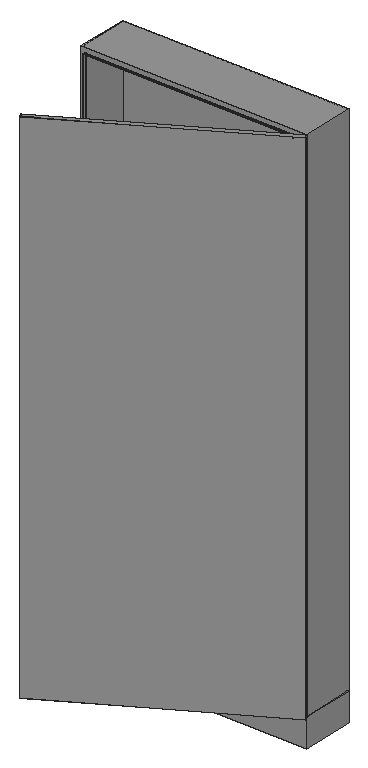
Revit family "Hager-Univers-IP44-D205-H1950-Cl.II-Encl-NoHosted-CH-en", category Equipement électrique, Revit 2020
Family settings
  Configuration du panneau = Deux colonnes, circuits au sein
  Cote de connecteur circulaire = Utiliser le diamètre
  Type d'élément = Tableau de raccordement
  Basée sur le plan de construction = Oui
  Toujours verticalement = Oui
  Couper avec des vides une fois chargée = Non
  Partagée = Non
  Point de calcul de pièce = Non
Parameters (values of type "Floor installation IP44 W800 H1950 D205  - FP23SN2")
  Width Control [instance] = if([EF000008 - Width] > Min Width, [EF000008 - Width], Min Width)  # 800 mm
  Commentaires du type = [HG000003 - Range]  # "Univers"
  Thickness Door [instance] = if([EF009171 - Material plate thickness door/cover] > 3 mm, 3 mm, [EF009171 - Material plate thickness door/cover])  # 1 mm
  Seal Frame Offset [instance] = 17 mm  # constant formula
  Plinth Visibility [instance] = [HG000027 - Plinth height] > 0 mm  # yes
  Min Width [instance] = 100 mm  # constant formula
  Min Depth [instance] = (2 * [EF009170 - Material plate thickness cabinet]) + 1 mm  # 3 mm
  Min Height [instance] = 100 mm  # constant formula
  Internal Frame Depth [instance] = (Door System Depth * 0.5)  # 9 mm
  Panel Name [instance] = ""  # (empty or 0)
  Model = ""
  HG000027 - Plinth height = 100 mm
  HG000026 - Floor standing = yes
  HG000024 - Bottom section height = 600 mm
  HG000023 - Double section enclosure = no
  HG000016 - Door 3d visibility [instance] = yes
  HG000015 - Clearance visibility [instance] = no
  HG000014 - Door on the right [instance] = yes
  HG000013 - Door on the left [instance] = not([HG000014 - Door on the right])  # no
  HG000012 - Door swing angle [instance] = 30.00°
  HG000010 - Asymmetric doors = no
  HG000009 - Double swing door = no
  HG000006 - Flush mounted = no
  HG000004 - Manufacturer reference = "FP23SN2"
  HG000003 - Range = "Univers"
  HG000002 - With door or cover = yes
  Frame Offset Bottom [instance] = 10 mm  # constant formula
  Frame Offset [instance] = 15 mm  # constant formula
  EF015940 - Cover with overpressure release = no
  EF011959 - Degree of protection (NEMA) = ""
  EF009554 - Number of openings for flange plates = 6
  EF009212 - Cover model = "EV000116 - Closed"
  EF009171 - Material plate thickness door/cover = 1 mm
  EF009170 - Material plate thickness cabinet = 1 mm
  EF008873 - Nominal current (In) = 400 A
  EF007800 - Suitable for lightning protection = no
  EF006306 - With lock = no
  EF006244 - Transparent cover/door = no
  EF005474 - Degree of protection (IP) = "EV006418 - IP44"
  EF004464 - Type of door = "EV002646 - Single"
  EF004427 - Number of modules = 432
  EF004293 - Impact strength = "EV006815 - IK09"
  EF003532 - Suitable for outdoor use = no
  EF002950 - Width in number of modular spacings = 36
  EF001613 - Circuit integrity = "EV000494 - None"
  EF001596 - Material housing = "EV000179 - Steel"
  EF001131 - Internal depth = 143 mm
  EF001088 - Extension possible = yes
  EF000437 - Number of conduit inlets = 6
  EF000339 - Type of cover = "EV001012 - Cover"
  EF000266 - Number of rows = 12
  EF000218 - Built-in depth = 0 mm
  EF000118 - With mounting plate = no
  EF000116 - RAL-number = "9010"
  EF000049 - Depth = 205 mm
  EF000040 - Height = 1950 mm
  EF000008 - Width = 800 mm
  EF000007 - Colour = "EV000202 - White"
  EF000003 - Mounting method = "EV012274 - Floor installation"
  Door System Leaf Tolerance [instance] = 1.5 mm  # constant formula
  Door System Depth [instance] = 18 mm  # constant formula
  Door Height [instance] = Height Control - [HG000027 - Plinth height]  # 1850 mm
  Description = ""
  Default Elevation = 1219.2 mm
  Connector Offset [instance] = Height Control / 2  # 975 mm
  Fabricant = "Hager"  # constant formula
  Height Control [instance] = if([EF000040 - Height] > Min Height, [EF000040 - Height], Min Height)  # 1950 mm
  Depth Control [instance] = if([EF000049 - Depth] > Min Depth, [EF000049 - Depth], Min Depth)  # 205 mm
  Bottom Top Plate Trim [instance] = 1.5 mm  # constant formula
  Plinth height Ctrl [instance] = if([HG000027 - Plinth height] > 0 mm, [HG000027 - Plinth height], 12 mm)  # 100 mm
Types (5, lengths in mm): name | Width Control | HG000010 - Asymmetric doors | HG000009 - Double swing door | HG000004 - Manufacturer reference | EF009554 - Number of openings for flange plates | EF008873 - Nominal current (In) | EF004464 - Type of door | EF004427 - Number of modules | EF002950 - Width in number of modular spacings | EF000437 - Number of conduit inlets | EF000008 - Width
  Floor installation IP44 W1050 H1950 D205  - FP24SN2 | 1050 | no | yes | "FP24SN2" | 8 | 400 A | "EV003602 - Double" | 576 | 48 | 8 | 1050
  Floor installation IP44 W1300 H1950 D205  - FP25SN2 | 1300 | yes | yes | "FP25SN2" | 10 | 400 A | "EV003602 - Double" | 720 | 60 | 10 | 1300
  Floor installation IP44 W300 H1950 D205  - FP21SN2 | 300 | no | no | "FP21SN2" | 2 | 250 A | "EV002646 - Single" | 144 | 12 | 2 | 300
  Floor installation IP44 W550 H1950 D205  - FP22SN2 | 550 | no | no | "FP22SN2" | 4 | 400 A | "EV002646 - Single" | 288 | 24 | 4 | 550
  Floor installation IP44 W800 H1950 D205  - FP23SN2 | 800 | no | no | "FP23SN2" | 6 | 400 A | "EV002646 - Single" | 432 | 36 | 6 | 800
Reference planes
  plane 1 "Center (Front/Back)": y = 0
  plane 2: z = 0
  plane 3 "Center (Left/Right)": x = 0
  plane 4: y = 0
  plane 5: y = 0
  plane 6: z = 0
  plane 7: x = -400
  plane 8: x = 400
  plane 9: x = 399
  plane 10: x = -399
  plane 11: z = 100
  plane 12: z = 101
  plane 13: y = -205
  plane 14: y = -1
  plane 15: x = 0
  plane 16: y = -187
  plane 17: y = -204
  plane 18: y = -186
  plane 19: x = -384
  plane 20: x = 384
  plane 21: z = 111
  plane 22: x = -383
  plane 23: x = 383
  plane 24: z = 100
  plane 25: z = 1950
  plane 26: z = 1950
  plane 27: z = 1934
  plane 28: z = 1949
Forms (mm)
  Extrusion 1, solid, material "Hager_Steel_RAL7035_Light_Grey", detail levels medium+fine
    sketch origin (-208.679, -4572, 100) x (-1, 0, 0) y (0, -1, 0)
      loop
        line (191.321, -4385) -> (-608.679, -4385) -> (-608.679, -4572) -> (191.321, -4572) -> (191.321, -4385)
    from 0 to 1850
  Extrusion 2, void
    sketch origin (-350.771, -205, 1219.2) x (1, 0, 0) y (0, 0, 1)
      loop
        line (-48.229, 729.8) -> (-48.229, -1118.2) -> (749.771, -1118.2) -> (749.771, 729.8) -> (-48.229, 729.8)
    from -19 to -204
  Extrusion 3, void
    sketch origin (-290.084, -187, 1219.2) x (1, 0, 0) y (0, 0, 1)
      loop
        line (-93.916, -1108.2) -> (674.084, -1108.2) -> (674.084, 714.8) -> (-93.916, 714.8) -> (-93.916, -1108.2)
    from 0 to -1
  Extrusion 4, solid, material "Hager_Steel_RAL7035_Light_Grey", visible <- "Plinth Visibility", detail levels medium+fine
    sketch origin (0, 0, 0) x (1, 0, 0) y (0, 1, 0)
      loop
        line (-400, 0) -> (-400, -187) -> (400, -187) -> (400, 0) -> (-400, 0)
    from 0 to 100 <- "Plinth height Ctrl"
  Extrusion 5, solid, material "Hager_Steel_RAL7035_Light_Grey", detail levels coarse
    sketch origin (0, 0, 0) x (1, 0, 0) y (0, 1, 0)
      loop
        line (-400, 0) -> (-400, -205) -> (400, -205) -> (400, 0) -> (-400, 0)
    from 0 to 1950 <- "Height Control"
  Sweep 6, void
    path in 3D
      loop
        line (-400, -187, 100) -> (400, -187, 100) -> (400, 0, 100) -> (-400, 0, 100) -> (-400, -187, 100)
    profile origin (-400, -93.5, 100) x (1, 0, 0) y (0, 0, 1)
      loop
        line (0, 0) -> (0, -1.5) -> (1.5, -1.5)
        arc (1.5, -1.5) -> (1.061, -0.439) -> (0, 0) r 1.5
  Extrusion 7, solid, material "Hager_Steel_RAL7035_Light_Grey", detail levels fine
    sketch origin (-400, -187, 100) x (1, 0, 0) y (0, 0, 1)
      loop
        line (16, 11) -> (784, 11) -> (784, 1834) -> (16, 1834) -> (16, 11)
      loop
        line (15, 10) -> (785, 10) -> (785, 1835) -> (15, 1835) -> (15, 10)
    from 0 to 9 <- "Internal Frame Depth"
Cuts and joins
  Extrusion 2, Extrusion 3 cuts Extrusion 1
  Sweep 6 cuts Extrusion 4
Lines and regions (mm)
  Masking region 1
    outline origin (0, 0, 0) x (1, 0, 0) y (0, 1, 0)
      loop
        line (-400, 0) -> (-400, -205) -> (400, -205) -> (400, 0) -> (-400, 0)
  Masking region 2, detail levels coarse
    outline origin (-290.084, -187, 1219.2) x (-1, 0, 0) y (0, 0, 1)
      loop
        line (-690.084, -1219.2) -> (109.916, -1219.2) -> (109.916, 730.8) -> (-690.084, 730.8) -> (-690.084, -1219.2)
  Masking region 3, detail levels coarse
    outline origin (0, 0, 0) x (0, 1, 0) y (0, 0, 1)
      loop
        line (0, 0) -> (0, 1950) -> (-205, 1950) -> (-205, 0) -> (0, 0)
  Masking region 4, visible <- "Plinth Visibility", detail levels medium+fine
    outline origin (0, 0, 0) x (0, 1, 0) y (0, 0, 1)
      loop
        line (-1.5, 100) -> (-185.5, 100)
        arc (-185.5, 100) -> (-185.939, 98.939) -> (-187, 98.5) r 1.5
        line (-187, 98.5) -> (-187, 0) -> (0, 0) -> (0, 98.5)
        arc (0, 98.5) -> (-1.061, 98.939) -> (-1.5, 100) r 1.5
  Masking region 5, detail levels medium+fine
    outline origin (0, 0, 594.038) x (0, 1, 0) y (0, 0, 1)
      loop
        line (0, -494.038) -> (0, 1355.962) -> (-187, 1355.962) -> (-187, -494.038) -> (0, -494.038)
  Masking region 6, detail levels medium+fine
    outline origin (-359.7, -187, 1211.883) x (-1, 0, 0) y (0, 0, 1)
      loop
        line (-759.7, -1111.883) -> (40.3, -1111.883) -> (40.3, 738.117) -> (-759.7, 738.117) -> (-759.7, -1111.883)
  Masking region 7, visible <- "Plinth Visibility", detail levels medium+fine
    outline origin (-320.334, -187, 1041.368) x (-1, 0, 0) y (0, 0, 1)
      loop
        line (-720.334, -1041.368) -> (79.666, -1041.368) -> (79.666, -942.868)
        arc (79.666, -942.868) -> (78.606, -942.429) -> (78.166, -941.368) r 1.5
        line (78.166, -941.368) -> (-718.834, -941.368)
        arc (-718.834, -941.368) -> (-719.273, -942.429) -> (-720.334, -942.868) r 1.5
        line (-720.334, -942.868) -> (-720.334, -1041.368)
  sketch lines
    curve 1: line (-400, 0, 100) -> (-400, -187, 100)
    curve 2: line (-400, -187, 100) -> (400, -187, 100)
    curve 3: line (400, 0, 100) -> (-400, 0, 100)
    curve 4: line (400, -187, 100) -> (400, 0, 100)
Dimensions and locks
  locked: plane 1 "Center (Front/Back)" to plane 5
  "EF009170 - Material plate thickness cabinet": plane 7 to plane 10
  "EF009170 - Material plate thickness cabinet": plane 8 to plane 9
  equal spacing: plane 7, plane 3 "Center (Left/Right)", plane 8
  "Width Control": plane 7 to plane 8
  "Depth Control": plane 4 to plane 13
  "EF009170 - Material plate thickness cabinet": plane 4 to plane 14
  "Height Control": plane 25 to level
  "HG000027 - Plinth height": plane 11 to level
  "EF009170 - Material plate thickness cabinet": plane 12 to plane 11
  "EF009170 - Material plate thickness cabinet": plane 17 to plane 13
  "EF009170 - Material plate thickness cabinet": plane 18 to plane 16
  "Frame Offset Bottom": plane 21 to plane 12
  "Frame Offset": plane 10 to plane 19
  "Frame Offset": plane 9 to plane 20
  "Door System Depth": plane 16 to plane 13
  "Seal Frame Offset": plane 7 to plane 22
  "Seal Frame Offset": plane 8 to plane 23
  "EF009170 - Material plate thickness cabinet": plane 26 to plane 28
  "Frame Offset": plane 28 to plane 27
  "Connector Offset": plane 2 to connector elem
  "Bottom Top Plate Trim": profile plane to Sweep 6 sketch curve
  "Bottom Top Plate Trim": Sweep 6 sketch curve to Sweep 6 sketch curve
  "Plinth height Ctrl": Masking region 4 sketch curve to level
  "Plinth height Ctrl": Masking region 7 sketch curve to level
  "Thickness Door": Extrusion 7 sketch curve to Extrusion 7 sketch curve  (x4)
  "Bottom Top Plate Trim": radius of Sweep 6 sketch curve
  "Bottom Top Plate Trim": radius of Masking region 4 sketch curve  (x2)
  "Bottom Top Plate Trim": radius of Masking region 7 sketch curve  (x2)
  aligned and locked: Extrusion 2 sketch curve to plane 12
  aligned and locked: Extrusion 2 sketch curve to plane 9
  aligned and locked: Extrusion 2 sketch curve to plane 10
  aligned and locked: Extrusion 2 to plane 14
  aligned and locked: Extrusion 1 sketch curve to plane 4
  aligned and locked: plane 8 to Extrusion 1 sketch curve
  aligned and locked: plane 7 to Extrusion 1 sketch curve
  aligned and locked: Extrusion 2 to plane 18
  aligned and locked: Extrusion 3 sketch curve to plane 19
  aligned and locked: plane 20 to Extrusion 3 sketch curve
  aligned and locked: Extrusion 3 to Extrusion 2
  aligned and locked: Extrusion 3 sketch curve to plane 21
  aligned and locked: plane 3 "Center (Left/Right)" to nested 1
  aligned and locked: Extrusion 1 sketch curve to plane 16
  aligned and locked: Extrusion 4 sketch curve to cut or joined group of Extrusion 1, Extrusion 2, Extrusion 3
  aligned and locked: Masking region 1 sketch curve to plane 7
  aligned and locked: Masking region 1 sketch curve to plane 5
  aligned and locked: Masking region 1 sketch curve to plane 8
  aligned and locked: Masking region 2 sketch curve to level
  aligned and locked: level to Masking region 3 sketch curve
  aligned and locked: plane 1 "Center (Front/Back)" to Masking region 3 sketch curve
  aligned and locked: plane 13 to Masking region 3 sketch curve
  aligned and locked: plane 5 to Masking region 4 sketch curve
  aligned and locked: Masking region 2 sketch curve to plane 8
  aligned and locked: Masking region 2 sketch curve to plane 7
  aligned and locked: plane 7 to nested 2
  aligned and locked: nested 2 to plane 5
  aligned and locked: plane 5 to Masking region 5 sketch curve
  aligned and locked: plane 26 to Masking region 5 sketch curve
  aligned and locked: Extrusion 5 sketch curve to plane 8
  aligned and locked: Extrusion 5 sketch curve to plane 7
  aligned and locked: Extrusion 5 sketch curve to plane 5
  aligned and locked: Extrusion 3 sketch curve to plane 27
  aligned and locked: Extrusion 2 sketch curve to plane 28
  aligned and locked: Masking region 2 to plane 25
  aligned and locked: Extrusion 4 to plane 16
  aligned and locked: profile plane to Sweep 6 sketch curve
  aligned and locked: Masking region 5 sketch curve to plane 24
  aligned and locked: level to Masking region 4 sketch curve
  aligned and locked: Masking region 1 to plane 13
  aligned and locked: nested 1 to plane 16
  aligned and locked: Masking region 3 to plane 25
  aligned and locked: plane 16 to Masking region 4 sketch curve
  aligned and locked: Masking region 5 sketch curve to plane 16
  aligned and locked: plane 24 to plane 11
  aligned and locked: plane 26 to plane 25
  aligned and locked: plane 26 to cut or joined group of Extrusion 1, Extrusion 2, Extrusion 3
  aligned and locked: nested 1 to plane 24
  aligned and locked: Extrusion 1 to Extrusion 3
  aligned and locked: Masking region 6 sketch curve to plane 8
  aligned and locked: Masking region 6 sketch curve to plane 24
  aligned and locked: Masking region 6 sketch curve to plane 7
  aligned and locked: Masking region 6 sketch curve to plane 26
  aligned and locked: Masking region 7 sketch curve to plane 7
  aligned and locked: level to Masking region 7 sketch curve
  aligned and locked: Masking region 7 sketch curve to plane 8
  aligned and locked: Extrusion 7 sketch curve to cut or joined group of Extrusion 1, Extrusion 2, Extrusion 3  (x4)
Automatic sketch dimensions
  plane 19 to Extrusion 3 sketch curve = 0 mm
  Extrusion 3 sketch curve to plane 20 = 0 mm
  Extrusion 3 sketch curve to plane 21 = 0 mm
  Extrusion 4 sketch curve to plane 7 = 0 mm
  Extrusion 4 sketch curve to plane 8 = 0 mm
  Extrusion 4 sketch curve to plane 16 = 0 mm
  Masking region 1 sketch curve to plane 13 = 0 mm
  Masking region 2 sketch curve to plane 25 = 0 mm
  Masking region 3 sketch curve to plane 25 = 0 mm
  Extrusion 5 sketch curve to plane 13 = 0 mm
  profile plane to Sweep 6 sketch curve = 0 mm
Nested families
  nested 1: "EC000058_Univers_Door" at (0, -187, 100), Double <- "HG000009 - Double swing door", Transparent <- "EF006244 - Transparent cover/door", Angle <- "HG000012 - Door swing angle", Door_Right <- "HG000014 - Door on the right", Assymetrical <- "HG000010 - Asymmetric doors", Door <- "HG000002 - With door or cover", Width_Ctrl <- "Width Control", 3d_Door <- "HG000016 - Door 3d visibility", Clearance <- "HG000015 - Clearance visibility", Door_Left <- "HG000013 - Door on the left", Width <- "Width Control", Door_Depth <- "Door System Depth", Leaf_Tolerance <- "Door System Leaf Tolerance", Height <- "Door Height", Lock_Visibility <- "EF006306 - With lock", Thickness <- "Thickness Door", type "EC000058_Univers_Door", detail levels medium+fine
    with min_wh 3 mm, Width_Ctrl 800 mm, Width 800 mm, Transparent no, Thickness 1 mm, Seal_Material Hager_Rubber, Lock_Visibility no, Lock_Material Hager_Plastic_RAL9005_Jet_Black, Leaf_Width 800 mm, Leaf_Tolerance_External_Sides 0 mm, Leaf_Tolerance 1.5 mm, Leaf_Offset 0 mm, Leaf_Height 1847 mm, Leaf_2_Width 800 mm, Leaf_2_Offset 400 mm, Leaf_1_Width 800 mm, Leaf_1_Offset 400 mm, Height_Ctrl 1850 mm, Height 1850 mm, Glass_Material Hager_Glass, Double_Clearance_Ctrl no, Double no, Door_Right_Ctrl yes, Door_Right yes, Door_Material Hager_Steel_RAL7035_Light_Grey, Door_Left_Ctrl no, Door_Left no, Door_Depth 18 mm, Door yes, Clearance_Material Hager_Clearance, Clearance_Depth 800 mm, Clearance_Ctrl no, Clearance no, Assymetrical no, Angle 30.00°, 3d_Door yes
  nested 2: "Hager_Enclosure_Symbol" at (-400, 0, 0), Height <- "Depth Control", Width <- "Width Control", type "Hager_Enclosure_Symbol"
    with Width_Ctrl 800 mm, Width 800 mm, Height_Ctrl 205 mm, Height 205 mm, A_Width_Int 13.453 mm, A_Width 161.438 mm, A_Height_Ctrl 179.375 mm, A_Height 179.375 mm
Connectors
  electrical at (0, 0, 975)
    settings: on plane 1 "Center (Front/Back)", index 1, voltage 0 V, apparent load 0 VA, apparent load phase1 0 VA, apparent load phase2 0 VA, apparent load phase3 0 VA, power factor 1, load classification "Other", number of poles 1, system type 30, power factor state 1, is connector primary yes, connector utility no, sub classification motor no, connector description ""
Definition of nested family "EC000058_Univers_Door"
  Parameters (values of type "EC000058_Univers_Door")
    min_wh [instance] = (2 * Thickness) + 1 mm  # 11 mm
    Width_Ctrl [instance] = 400 mm
    Width [instance] = 500 mm
    Transparent [instance] = yes
    Thickness [instance] = 5 mm
    Seal_Material [instance] = none
    Lock_Visibility [instance] = yes
    Lock_Material [instance] = none
    Leaf_Width [instance] = if((Width_Ctrl - 2 * Leaf_Tolerance_External_Sides) > 0 mm, (Width_Ctrl - 2 * Leaf_Tolerance_External_Sides), min_wh)  # 400 mm
    Leaf_Tolerance_External_Sides [instance] = 0 mm  # constant formula
    Leaf_Tolerance [instance] = 1.5 mm
    Leaf_Offset [instance] = 0 mm  # constant formula
    Leaf_Height [instance] = if((Height_Ctrl - 2 * Leaf_Tolerance) > 0 mm, (Height_Ctrl - 2 * Leaf_Tolerance), min_wh)  # 497 mm
    Leaf_2_Width [instance] = if(and(and(Double, Assymetrical), Door_Left), (Leaf_Width / 3) - (Leaf_Tolerance / 2), if(and(and(Double, Assymetrical), Door_Right), (Leaf_Width / 3) * 2 - (Leaf_Tolerance / 2), if(and(Double, not(Assymetrical)), (Leaf_Width / 2) - Leaf_Tolerance, Leaf_Width)))  # 400 mm
    Leaf_2_Offset [instance] = if(and(Double, Assymetrical), Leaf_2_Width / 2, if(and(Double, not(Assymetrical)), Leaf_Width / 4, Leaf_Width / 2))  # 200 mm
    Leaf_1_Width [instance] = if(and(and(Double, Assymetrical), Door_Right), (Leaf_Width / 3) - (Leaf_Tolerance / 2), if(and(and(Double, Assymetrical), Door_Left), (Width / 3) * 2 - (Leaf_Tolerance / 2), if(and(Double, not(Assymetrical)), (Leaf_Width / 2) - Leaf_Tolerance, Leaf_Width)))  # 400 mm
    Leaf_1_Offset [instance] = if(and(Double, Assymetrical), Leaf_1_Width / 2, if(and(Double, not(Assymetrical)), Leaf_Width / 4, Leaf_Width / 2))  # 200 mm
    Height_Ctrl [instance] = if(Height > min_wh, Height, min_wh)  # 500 mm
    Height [instance] = 500 mm
    Glass_Material [instance] = none
    Double_Clearance_Ctrl [instance] = and(Double, Clearance)  # no
    Double [instance] = no
    Door_Right_Ctrl [instance] = and(or(Door_Right, Double), Door)  # yes
    Door_Right [instance] = yes
    Door_Material [instance] = none
    Door_Left_Ctrl [instance] = and(or(Door_Left, Double), Door)  # no
    Door_Left [instance] = no
    Door_Depth [instance] = 30 mm
    Door [instance] = yes
    Default Elevation = 1219.2 mm
    Clearance_Material [instance] = none
    Clearance_Depth [instance] = if(Leaf_1_Width > Leaf_2_Width, Leaf_1_Width, Leaf_2_Width)  # 400 mm
    Clearance_Ctrl [instance] = and(not(Double), Clearance)  # yes
    Clearance [instance] = yes
    Assymetrical [instance] = yes
    Angle [instance] = 30.00°
    3d_Door [instance] = yes
  Reference planes
    plane 1 "Center (Front/Back)": y = 0
    plane 2 "Bottom": z = 0
    plane 3 "Center (Left/Right)": x = 0
    plane 4: z = 500
    plane 5: x = -200
    plane 6: x = 200
    plane 7: z = 500
    plane 8: x = -200
    plane 9: z = 0
    plane 10: x = 200
    plane 11: y = 0
    plane 12: z = 1.5
    plane 13: x = -600
    plane 14: y = -400
    plane 15: x = 600
    plane 16: x = 0
    plane 17: x = 0
    plane 18: x = -200
    plane 19: x = 200
    plane 20: z = 498.5
  Forms (mm)
    Extrusion 1, solid, material <- "Clearance_Material", visible <- "Double_Clearance_Ctrl"
      sketch origin (1200, 0, 0) x (1, 0, 0) y (0, 0, -1)
        loop
          line (-1800, -498.5) -> (-600, -498.5) -> (-600, 0) -> (-1800, 0) -> (-1800, -498.5)
      from 0 to -400
  Dimensions and locks
    equal spacing: plane 5, plane 3 "Center (Left/Right)", plane 6
    "Width_Ctrl": plane 5 to plane 6
    "Leaf_Offset": plane 5 to plane 8
    "Leaf_Offset": plane 6 to plane 10
    "Leaf_Offset": plane 9 to level
    "Leaf_Offset": plane 4 to plane 7
    "Height_Ctrl": plane 4 to level
    "Leaf_Tolerance": plane 12 to plane 9
    locked: plane 11 to plane 1 "Center (Front/Back)"
    "Leaf_1_Offset": plane 18 to plane 16
    "Leaf_2_Offset": plane 17 to plane 19
    "Leaf_1_Width": plane 13 to plane 8
    "Leaf_2_Width": plane 10 to plane 15
    "Clearance_Depth": plane 14 to plane 1 "Center (Front/Back)"
    "Leaf_Tolerance_External_Sides": plane 8 to plane 18
    "Leaf_Tolerance_External_Sides": plane 19 to plane 10
    "Leaf_Tolerance": plane 7 to plane 20
    aligned and locked: level to plane 2 "Bottom"
    aligned and locked: nested 1 to plane 16
    aligned and locked: nested 2 to plane 17
    aligned and locked: Extrusion 1 to plane 13
    aligned and locked: plane 15 to Extrusion 1
    aligned and locked: Extrusion 1 to plane 14
    aligned and locked: plane 12 to nested 1
    aligned and locked: nested 2 to plane 12
    aligned and locked: Extrusion 1 to plane 11
    aligned and locked: plane 20 to Extrusion 1
    aligned and locked: nested 2 to plane 11
    aligned and locked: nested 1 to plane 11
  Automatic sketch dimensions
    Extrusion 1 sketch curve to level = 0 mm
    plane 5 to Extrusion 1 sketch curve = 400 mm
    plane 6 to Extrusion 1 sketch curve = 400 mm
    Extrusion 1 sketch curve to plane 4 = 1.5 mm
  Nested families
    nested 1: "EC000058_Univers_Door_Leaf" at (0, 0, 1.5), Width <- "Leaf_1_Width", visible <- "Door_Left_Ctrl", Leaf_Height <- "Leaf_Height", Angle <- "Angle", 3d_Door <- "3d_Door", Transparent <- "Transparent", Clearance Material <- "Clearance_Material", Clearance <- "Clearance_Ctrl", Door_Material <- "Door_Material", Glass_Material <- "Glass_Material", Door_Depth <- "Door_Depth", Lock_Material <- "Lock_Material", Seal_Material <- "Seal_Material", Lock_Visibility <- "Lock_Visibility", Thickness <- "Thickness", type "EC000058_Univers_Door_Leaf"
      with Width 400 mm, Transparent_Glass_Offset 30 mm, Transparent_Ctrl yes, Transparent yes, Thickness 5 mm, Standard no, Seal_Material none, Seal_D2 8 mm, Seal_D1 1 mm, Offset_Internal_Frame 10 mm, Lock_Width 20 mm, Lock_Visibility_3d yes, Lock_Visibility yes, Lock_Thickness_3 3 mm, Lock_Thickness_2 1 mm, Lock_Thickness_1 3 mm, Lock_Radius_Offset_2 16 mm, Lock_Radius_Offset_1 15 mm, Lock_Radius_2 5 mm, Lock_Radius 6 mm, Lock_Offset 5 mm, Lock_Material none, Lock_Height 80 mm, Lock_Cover_Top_Offset_2d 17 mm, Lock_Cover_Height -65 mm, Leaf_Height 497 mm, Internal_Seal_Thickness 8 mm, Internal_Seal_Depth_2 4.5 mm, Internal_Frame_Depth 25 mm, Glass_Thickness -1 mm, Glass_Offset -2 mm, Glass_Material none, Door_Material none, Door_Depth 30 mm, Clearance Material none, Clearance yes, Angle_Ctrl 30.00°, Angle 30.00°, 3d_Door yes
    nested 2: "EC000058_Univers_Door_Leaf" at (0, 0, 1.5) x (-1, 0, 0) z (0, 0, 1), Width <- "Leaf_2_Width", visible <- "Door_Right_Ctrl", Leaf_Height <- "Leaf_Height", Angle <- "Angle", 3d_Door <- "3d_Door", Transparent <- "Transparent", Clearance Material <- "Clearance_Material", Clearance <- "Clearance_Ctrl", Door_Material <- "Door_Material", Glass_Material <- "Glass_Material", Door_Depth <- "Door_Depth", Lock_Material <- "Lock_Material", Seal_Material <- "Seal_Material", Lock_Visibility <- "Lock_Visibility", Thickness <- "Thickness", type "EC000058_Univers_Door_Leaf"
      with Width 400 mm, Transparent_Glass_Offset 30 mm, Transparent_Ctrl yes, Transparent yes, Thickness 5 mm, Standard no, Seal_Material none, Seal_D2 8 mm, Seal_D1 1 mm, Offset_Internal_Frame 10 mm, Lock_Width 20 mm, Lock_Visibility_3d yes, Lock_Visibility yes, Lock_Thickness_3 3 mm, Lock_Thickness_2 1 mm, Lock_Thickness_1 3 mm, Lock_Radius_Offset_2 16 mm, Lock_Radius_Offset_1 15 mm, Lock_Radius_2 5 mm, Lock_Radius 6 mm, Lock_Offset 5 mm, Lock_Material none, Lock_Height 80 mm, Lock_Cover_Top_Offset_2d 17 mm, Lock_Cover_Height -65 mm, Leaf_Height 497 mm, Internal_Seal_Thickness 8 mm, Internal_Seal_Depth_2 4.5 mm, Internal_Frame_Depth 25 mm, Glass_Thickness -1 mm, Glass_Offset -2 mm, Glass_Material none, Door_Material none, Door_Depth 30 mm, Clearance Material none, Clearance yes, Angle_Ctrl 30.00°, Angle 30.00°, 3d_Door yes
  Definition of nested family "EC000058_Univers_Door_Leaf"
    Parameters (values of type "EC000058_Univers_Door_Leaf")
      Width [instance] = 2000 mm
      Transparent_Glass_Offset [instance] = 30 mm
      Transparent_Ctrl [instance] = and(Transparent, [3d_Door])  # yes
      Transparent [instance] = yes
      Thickness [instance] = 5 mm
      Standard [instance] = and(not(Transparent), [3d_Door])  # no
      Seal_Material [instance] = none
      Seal_D2 [instance] = 8 mm  # constant formula
      Seal_D1 [instance] = 1 mm  # constant formula
      Offset_Internal_Frame [instance] = 10 mm  # constant formula
      Lock_Width [instance] = 20 mm  # constant formula
      Lock_Visibility_3d [instance] = and(Lock_Visibility, [3d_Door])  # yes
      Lock_Visibility [instance] = yes
      Lock_Thickness_3 [instance] = 3 mm  # constant formula
      Lock_Thickness_2 [instance] = 1 mm  # constant formula
      Lock_Thickness_1 [instance] = 3 mm  # constant formula
      Lock_Radius_Offset_2 [instance] = Lock_Radius_Offset_1 + 1 mm  # 16 mm
      Lock_Radius_Offset_1 [instance] = 15 mm  # constant formula
      Lock_Radius_2 [instance] = Lock_Radius - 1 mm  # 5 mm
      Lock_Radius [instance] = 6 mm  # constant formula
      Lock_Offset [instance] = 5 mm  # constant formula
      Lock_Material [instance] = none
      Lock_Height [instance] = 80 mm  # constant formula
      Lock_Cover_Top_Offset_2d [instance] = Lock_Radius_Offset_2 + 1 mm  # 17 mm
      Lock_Cover_Height [instance] = -(Lock_Height - Lock_Radius_Offset_1)  # -65 mm
      Leaf_Height [instance] = 2720.336 mm
      Internal_Seal_Thickness [instance] = 8 mm  # constant formula
      Internal_Seal_Depth_2 [instance] = 4.5 mm  # constant formula
      Internal_Frame_Depth [instance] = if(Door_Depth - Thickness > 5 mm, Door_Depth - Thickness, 5 mm)  # 25 mm
      Glass_Thickness [instance] = if(Thickness > 15 mm, Glass_Offset + 10 mm, -1 mm)  # -1 mm
      Glass_Offset [instance] = if(Thickness > 15 mm, -(Thickness + 10 mm) / 2, -2 mm)  # -2 mm
      Glass_Material [instance] = none
      Door_Material [instance] = none
      Door_Depth [instance] = 30 mm
      Default Elevation = 0 mm
      Clearance Material [instance] = none
      Clearance [instance] = yes
      Angle_Ctrl [instance] = if(Angle > 180.00°, 180.00°, Angle)  # 90.00°
      Angle [instance] = 90.00°
      3d_Door [instance] = yes
    Reference planes
      plane 1 "Center (Front/Back)": y = 0
      plane 2: z = 0
      plane 3 "Center (Left/Right)": x = 0
      plane 4: y = 2000
      plane 5: x = -1000
      plane 6: x = 1000
      plane 7: x = -3000
      plane 8: z = 2720.336
      plane 9: z = 30
      plane 10: z = 2690.336
      plane 11: x = 970
      plane 12: x = -970
      plane 13: y = -3
      plane 14: z = 107.833
      plane 15: y = -5
      plane 16: y = -223.314
      plane 17: x = -1000
      plane 18: z = 1360.168
      plane 19: y = 30
    Forms (mm)
      Extrusion 1, solid, material <- "Clearance Material", visible <- "Clearance"
        sketch origin (0, 0, 0) x (1, 0, 0) y (0, 0, 1)
          loop
            line (-3000, 2720.336) -> (-3000, 0) -> (1000, 0) -> (1000, 2720.336) -> (-3000, 2720.336)
        from 0 to -2000
      Extrusion 2, solid, material <- "Door_Material", visible <- "Standard", detail levels medium+fine
        sketch origin (-1000, 0, 0) x (0, 1, 0) y (-1, 0, 0)
          loop
            line (0, 30) -> (0, 25) -> (2000, 25) -> (2000, 30) -> (0, 30)
        from 0 to 2720.336 <- "Leaf_Height"
      Extrusion 3, solid, material <- "Door_Material", visible <- "Transparent_Ctrl", detail levels medium+fine
        sketch origin (-1000, 0, 0) x (0, 1, 0) y (-1, 0, 0)
          loop
            line (0, 25) -> (2000, 25) -> (2000, 30) -> (0, 30) -> (0, 25)
        from 0 to 2720.336 <- "Leaf_Height"
      Extrusion 4, void
        sketch origin (-1025, 2000, 0) x (0, 1, 0) y (0, 0, -1)
          loop
            line (-30, -2690.336) -> (-30, -30) -> (-1970, -30) -> (-1970, -2690.336) -> (-30, -2690.336)
        from 0 to 5 <- "Thickness"
      Sweep 5, solid, material <- "Seal_Material", visible <- "Transparent_Ctrl", detail levels fine
        path in 3D
          loop
            line (-1025, 30, 30) -> (-1025, 30, 2690.336) -> (-1025, 1970, 2690.336) -> (-1025, 1970, 30) -> (-1025, 30, 30)
        profile origin (-1025, 1000, 30) x (1, 0, 0) y (0, 0, 1)
          loop
            line (0, 0) -> (0, -8) -> (1, -8) -> (1, 0) -> (0, 0)
      Extrusion 6, solid, material <- "Glass_Material", visible <- "Transparent_Ctrl", detail levels medium+fine
        sketch origin (-1030, 0, 0) x (0, 1, 0) y (0, 0, -1)
          loop
            line (1970, -2690.336) -> (1970, -30) -> (30, -30) -> (30, -2690.336) -> (1970, -2690.336)
        from -2 <- "Glass_Offset" to -1 <- "Glass_Thickness"
      Extrusion 7, solid, material <- "Door_Material", visible <- "3d_Door", detail levels medium+fine
        sketch origin (-1025, 2000, 0) x (0, -1, 0) y (0, 0, -1)
          loop
            line (0, -2720.336) -> (2000, -2720.336) -> (2000, 0) -> (0, 0) -> (0, -2720.336)
          loop
            line (1995, -5) -> (5, -5) -> (5, -2715.336) -> (1995, -2715.336) -> (1995, -5)
        from 0 to 25 <- "Internal_Frame_Depth"
      Sweep 8, solid, material <- "Seal_Material", visible <- "Transparent_Ctrl", detail levels fine
        path in 3D
          loop
            line (-1025, 0, 0) -> (-1025, 2000, 0) -> (-1025, 2000, 2720.336) -> (-1025, 0, 2720.336) -> (-1025, 0, 0)
        profile origin (-1025, 0, 1360.168) x (1, 0, 0) y (0, 1, 0)
          loop
            line (0, 10) -> (2.975, 10)
            arc (2.975, 10) -> (4.053, 10.447) -> (4.5, 11.525) r 1.525
            line (4.5, 11.525) -> (4.5, 16.527)
            arc (4.5, 16.527) -> (4.069, 17.569) -> (3.027, 18) r 1.473
            line (3.027, 18) -> (0, 18) -> (0, 10)
      Extrusion 9, solid, material <- "Lock_Material", visible <- "Lock_Visibility_3d", detail levels fine
        sketch origin (-1030, 0, 0) x (0, 1, 0) y (0, 0, -1)
          loop
            arc (1993.5, -1400.168) -> (1994.561, -1399.729) -> (1995, -1398.668) r 1.5
            line (1995, -1398.668) -> (1995, -1320.168) -> (1975, -1320.168) -> (1975, -1398.668)
            arc (1975, -1398.668) -> (1975.439, -1399.729) -> (1976.5, -1400.168) r 1.5
            line (1976.5, -1400.168) -> (1993.5, -1400.168)
        from 3 <- "Lock_Thickness_1" to 0
      Blend 10, solid, material <- "Lock_Material", visible <- "Lock_Visibility_3d", detail levels fine
        base sketch origin (-1033, 0, 0) x (0, 1, 0) y (0, 0, -1)
          loop
            line (1975, -1320.168) -> (1975, -1398.668)
            arc (1975, -1398.668) -> (1975.439, -1399.729) -> (1976.5, -1400.168) r 1.5
            line (1976.5, -1400.168) -> (1993.5, -1400.168)
            arc (1993.5, -1400.168) -> (1994.561, -1399.729) -> (1995, -1398.668) r 1.5
            line (1995, -1398.668) -> (1995, -1320.168) -> (1975, -1320.168)
        top sketch origin (-1033, 0, 0) x (0, 1, 0) y (0, 0, -1)
          loop
            line (1976, -1320.168) -> (1976, -1398.668)
            arc (1976, -1398.668) -> (1976.146, -1399.022) -> (1976.5, -1399.168) r 0.5
            line (1976.5, -1399.168) -> (1993.5, -1399.168)
            arc (1993.5, -1399.168) -> (1993.854, -1399.022) -> (1994, -1398.668) r 0.5
            line (1994, -1398.668) -> (1994, -1320.168) -> (1976, -1320.168)
        from 0 to 1 <- "Lock_Thickness_2"
      Blend 11, solid, material <- "Lock_Material", visible <- "Lock_Visibility_3d", detail levels fine
        base sketch origin (-1034, 0, 0) x (0, 1, 0) y (0, 0, -1)
          loop
            line (1978, -1320.168) -> (1978, -1384.168)
            arc (1978, -1384.168) -> (1985, -1391.168) -> (1992, -1384.168) r 7
            line (1992, -1384.168) -> (1992, -1320.168) -> (1978, -1320.168)
        top sketch origin (-1034, 0, 0) x (0, 1, 0) y (0, 0, -1)
          loop
            line (1991, -1320.168) -> (1979, -1320.168) -> (1979, -1383.168)
            arc (1979, -1383.168) -> (1985, -1389.168) -> (1991, -1383.168) r 6
            line (1991, -1383.168) -> (1991, -1320.168)
        from 0 to 3 <- "Lock_Thickness_3"
      Extrusion 12, solid, material <- "Lock_Material", visible <- "Lock_Visibility_3d", detail levels fine
        sketch origin (-1030, 1975, 1320.168) x (1, 0, 0) y (0, -1, 0)
          loop
            line (-7, -19) -> (-7, -1) -> (0, -1) -> (0, 0) -> (-8, 0) -> (-8, -20) -> (0, -20) -> (0, -19) -> (-7, -19)
        from 0 to -65 <- "Lock_Cover_Height"
      Extrusion 13, void
        sketch origin (-1038, 1995, 1320.168) x (-1, 0, 0) y (0, 0, -1)
          loop
            line (-5, -65) -> (0, -65) -> (-5, -60) -> (-5, -65)
        from 0 to 20 <- "Lock_Width"
      Extrusion 14, void
        sketch origin (-1038, 1975, 1320.168) x (0, -1, 0) y (0, 0, -1)
          loop
            circle (-10, -15.995) r 6
          loop
            circle (-10, -15.995) r 5
        from 0 to 2
      Extrusion 15, solid, material <- "Lock_Material", visible <- "Lock_Visibility_3d", detail levels medium
        sketch origin (-1030, 0, 0) x (0, 1, 0) y (0, 0, -1)
          loop
            arc (1993.5, -1400.168) -> (1994.561, -1399.729) -> (1995, -1398.668) r 1.5
            line (1995, -1398.668) -> (1995, -1320.168) -> (1975, -1320.168) -> (1975, -1398.668)
            arc (1975, -1398.668) -> (1975.439, -1399.729) -> (1976.5, -1400.168) r 1.5
            line (1976.5, -1400.168) -> (1993.5, -1400.168)
        from 8 to 0
    Cuts and joins
      Extrusion 4 cuts Extrusion 3
      Extrusion 13, Extrusion 14 cuts Extrusion 9
      Extrusion 14 cuts Blend 11
      Extrusion 13, Extrusion 14 cuts Extrusion 12
      joined: Extrusion 9, Blend 10, Blend 11, Extrusion 12
      Extrusion 14 cuts Extrusion 15
    Lines and regions (mm)
      Masking region 1, visible <- "Lock_Visibility", detail levels fine
        outline origin (0, 0, 0) x (0, 1, 0) y (0, 0, 1)
          loop
            line (30, 1320.168) -> (33, 1320.168) -> (33, 1400.168) -> (30, 1400.168) -> (30, 1320.168)
      Masking region 2, visible <- "Lock_Visibility", detail levels fine
        outline origin (0, 3.143, 0) x (0, 1, 0) y (0, 0, 1)
          loop
            line (29.857, 1354.168) -> (30.857, 1354.168) -> (30.857, 1366.168) -> (29.857, 1366.168) -> (29.857, 1354.168)
      Masking region 3, detail levels medium+fine
        outline origin (0, 0, 0) x (0, 1, 0) y (0, 0, 1)
          loop
            line (0, 0) -> (30, 0) -> (30, 2720.336) -> (0, 2720.336) -> (0, 0)
      Masking region 4, detail levels medium+fine
        outline origin (0, 0, 0) x (1, 0, 0) y (0, 0, 1)
          loop
            line (-1000, 2720.336) -> (-1000, 0) -> (1000, 0) -> (1000, 2720.336) -> (-1000, 2720.336)
      Masking region 5, visible <- "Lock_Visibility", detail levels fine
        outline origin (-47.116, 0, 0) x (1, 0, 0) y (0, 0, 1)
          loop
            arc (1024.616, 1399.168) -> (1023.556, 1398.729) -> (1023.116, 1397.668) r 1.5
            line (1023.116, 1397.668) -> (1023.116, 1320.168) -> (1041.116, 1320.168) -> (1041.116, 1397.668)
            arc (1041.116, 1397.668) -> (1040.677, 1398.729) -> (1039.616, 1399.168) r 1.5
            line (1039.616, 1399.168) -> (1024.616, 1399.168)
      Masking region 6, visible <- "Lock_Visibility", detail levels medium+fine
        outline origin (-25, 0, 0) x (1, 0, 0) y (0, 0, 1)
          loop
            arc (1001.5, 1400.168) -> (1000.439, 1399.729) -> (1000, 1398.668) r 1.5
            line (1000, 1398.668) -> (1000, 1320.168) -> (1020, 1320.168) -> (1020, 1398.668)
            arc (1020, 1398.668) -> (1019.561, 1399.729) -> (1018.5, 1400.168) r 1.5
            line (1018.5, 1400.168) -> (1001.5, 1400.168)
      Masking region 7, visible <- "Lock_Visibility", detail levels fine
        outline origin (-73.735, 0, 0) x (1, 0, 0) y (0, 0, 1)
          loop
            line (1051.735, 1382.168) -> (1065.735, 1382.168) -> (1065.735, 1384.168)
            arc (1065.735, 1384.168) -> (1058.735, 1391.168) -> (1051.735, 1384.168) r 7
            line (1051.735, 1384.168) -> (1051.735, 1382.168)
      Masking region 8, visible <- "Lock_Visibility", detail levels fine
        outline origin (-73.735, 0, 0) x (1, 0, 0) y (0, 0, 1)
          loop
            line (1052.735, 1382.168) -> (1064.735, 1382.168) -> (1064.735, 1383.168)
            arc (1064.735, 1383.168) -> (1058.735, 1389.168) -> (1052.735, 1383.168) r 6
            line (1052.735, 1383.168) -> (1052.735, 1382.168)
      Masking region 9, visible <- "Lock_Visibility", detail levels fine
        outline origin (-25, 0, 0) x (1, 0, 0) y (0, 0, 1)
          loop
            line (1020, 1320.168) -> (1020, 1382.168) -> (1000, 1382.168) -> (1000, 1320.168) -> (1020, 1320.168)
      Masking region 10, detail levels medium+fine
        outline origin (0, 0, 0) x (1, 0, 0) y (0, 0, 1)
          loop
            circle (985, 1335.144) r 6
      Masking region 11, detail levels fine
        outline origin (0, 0, 0) x (1, 0, 0) y (0, 0, 1)
          loop
            circle (985, 1335.144) r 5
      Masking region 12, visible <- "Lock_Visibility", detail levels fine
        outline origin (0, 12.767, 0) x (0, 1, 0) y (0, 0, 1)
          loop
            line (20.233, 1320.168) -> (21.233, 1320.168) -> (21.233, 1399.168) -> (20.233, 1400.168) -> (20.233, 1320.168)
      Masking region 13, visible <- "Lock_Visibility", detail levels fine
        outline origin (0, 13.767, -10) x (0, 1, 0) y (0, 0, 1)
          loop
            line (20.233, 1330.168) -> (23.233, 1330.168) -> (23.233, 1399.168) -> (20.233, 1402.168) -> (20.233, 1330.168)
      Masking region 14, visible <- "Lock_Visibility", detail levels fine
        outline origin (0, 12.767, -10) x (0, 1, 0) y (0, 0, 1)
          loop
            line (20.233, 1330.168) -> (25.233, 1330.168) -> (25.233, 1399.305) -> (20.233, 1394.305) -> (20.233, 1330.168)
      Masking region 15, visible <- "Lock_Visibility", detail levels medium
        outline origin (0, 0, 0) x (0, 1, 0) y (0, 0, 1)
          loop
            line (30, 1320.168) -> (38, 1320.168) -> (38, 1400.168) -> (30, 1400.168) -> (30, 1320.168)
      Masking region 16, visible <- "Lock_Visibility", detail levels fine
        outline origin (-1000, 0, 0) x (0, 1, 0) y (-1, 0, 0)
          loop
            line (1975, 30) -> (1995, 30) -> (1995, 38) -> (1975, 38) -> (1975, 30)
          loop
            line (1979, 37) -> (1976, 37) -> (1976, 34) -> (1978, 34) -> (1979, 37)
          loop
            line (1994, 37) -> (1991, 37) -> (1992, 34) -> (1994, 34) -> (1994, 37)
      Masking region 17, visible <- "Lock_Visibility", detail levels medium
        outline origin (-1000, 0, 0) x (0, 1, 0) y (-1, 0, 0)
          loop
            line (1975, 30) -> (1995, 30) -> (1995, 38) -> (1975, 38) -> (1975, 30)
      symbolic lines
        curve 1: line (1000, 0, 0) -> (-3000, 0, 0)
        curve 2: arc (1000, 0, 0) -> (-1000, 2000, 0) -> (-3000, 0, 0) r 2000
        curve 4: line (-1030, 0, 0) -> (-1030, 2000, 0)
      reference lines
        curve 3: line (-1000, 0, 0) -> (-1000, 2000, 0)
      symbolic lines, detail levels medium+fine
        curve 5: line (-1030, 2000, 0) -> (-1025, 2000, 0)
        curve 7: line (-1025, 0, 0) -> (-1030, 0, 0)
        curve 8: line (-1025, 0, 0) -> (-1000, 0, 0)
        curve 9: line (-1000, 0, 0) -> (-1000, 2000, 0)
        curve 10: line (-1000, 2000, 0) -> (-1025, 2000, 0)
      symbolic lines, detail levels fine
        curve 6: line (-1025, 2000, 0) -> (-1025, 0, 0)
      sketch lines
        curve 11: line (-1025, 0, 2720.336) -> (-1025, 0, 0)
        curve 12: line (-1025, 2000, 0) -> (-1025, 0, 0)
        curve 13: line (-1025, 2000, 2720.336) -> (-1025, 2000, 0)
        curve 14: line (-1025, 0, 2720.336) -> (-1025, 2000, 2720.336)
        curve 15: line (-1025, 1970, 30) -> (-1025, 30, 30)
        curve 16: line (-1025, 30, 30) -> (-1025, 30, 2690.336)
        curve 17: line (-1025, 1970, 2690.336) -> (-1025, 1970, 30)
        curve 18: line (-1025, 30, 2690.336) -> (-1025, 1970, 2690.336)
      symbolic lines, visible <- "Transparent", detail levels medium+fine
        curve 19: line (-970, 0, 2690.336) -> (970, 0, 2690.336)
        curve 20: line (-970, 0, 30) -> (-970, 0, 2690.336)
        curve 21: line (970, 0, 30) -> (-970, 0, 30)
        curve 22: line (970, 0, 2690.336) -> (970, 0, 30)
    Dimensions and locks
      "Width": plane 1 "Center (Front/Back)" to plane 4
      equal spacing: plane 5, plane 3 "Center (Left/Right)", plane 6
      "Width": plane 5 to plane 6
      "Width": plane 7 to plane 5
      "Leaf_Height": plane 8 to level
      "Width": curve 5 to curve 3
      "Width": curve 3 to curve 3
      plane 8 to plane 10 = 30 mm
      plane 9 to level = 30 mm
      plane 12 to plane 5 = 30 mm
      plane 6 to plane 11 = 30 mm
      Extrusion 1 to Extrusion 4 sketch curve = 30 mm
      "Transparent_Glass_Offset": curve 3 to Extrusion 4 sketch curve
      "Transparent_Glass_Offset": Extrusion 4 sketch curve to cut or joined group of Extrusion 3, Extrusion 4  (x2)
      cut or joined group of Extrusion 3, Extrusion 4 to Extrusion 6 sketch curve = 30 mm
      "Transparent_Glass_Offset": cut or joined group of Extrusion 3, Extrusion 4 to Extrusion 4 sketch curve
      "Thickness": curve 6 to curve 4
      "Thickness": Extrusion 7 sketch curve to Extrusion 7 sketch curve  (x4)
      "Door_Depth": curve 4 to curve 3
      "Offset_Internal_Frame": profile plane to Sweep 8 sketch curve
      "Internal_Seal_Thickness": Sweep 8 sketch curve to Sweep 8 sketch curve
      "Internal_Seal_Depth_2": profile plane to Sweep 8 sketch curve
      "Seal_D1": profile plane to Sweep 5 sketch curve
      "Seal_D2": profile plane to Sweep 5 sketch curve
      "Thickness": Extrusion 2 sketch curve to Extrusion 2 sketch curve
      equal spacing: Extrusion 9 sketch curve, plane 18, Extrusion 9 sketch curve  (x2)
      equal spacing: Masking region 1 sketch curve, plane 18, Masking region 1 sketch curve
      "Lock_Height": Masking region 1 sketch curve to Masking region 1 sketch curve
      "Lock_Radius": Masking region 2 sketch curve to plane 18 to Masking region 2 sketch curve
      Masking region 2 sketch curve to Masking region 1 = 1 mm
      "Door_Depth": plane 19 to plane 1 "Center (Front/Back)"
      "Lock_Thickness_1": Masking region 1 sketch curve to plane 19
      "Lock_Width": Extrusion 9 sketch curve to Extrusion 9 sketch curve
      "Lock_Height": Extrusion 9 sketch curve to Extrusion 9 sketch curve
      "Lock_Offset": cut or joined group of Extrusion 3, Extrusion 4 to Extrusion 9 sketch curve
      equal spacing: plane 8, plane 18, level
      "Lock_Radius_Offset_1": Blend 11 sketch curve to Blend 10
      locked: Blend 10 to Blend 11 sketch curve at 2  (x2)
      locked: var sketch to Blend 11 sketch curve at 1  (x2)
      "Lock_Radius_Offset_2": Blend 11 sketch curve to Blend 10
      locked: Extrusion 12 sketch curve to Extrusion 12 sketch curve at 1  (x3)
      Masking region 6 sketch curve to Masking region 6 sketch curve = 80 mm
      "Lock_Height": Masking region 6 sketch curve to Masking region 6 sketch curve
      "Lock_Width": Masking region 6 sketch curve to Masking region 6 sketch curve
      locked: Masking region 6 to Masking region 5 sketch curve at 1  (x3)
      locked: Masking region 5 to Masking region 7 sketch curve at 2  (x2)
      "Lock_Radius_Offset_1": Masking region 5 to Masking region 7 sketch curve
      "Lock_Radius_Offset_2": Masking region 5 to Masking region 8 sketch curve
      locked: Masking region 7 to Masking region 8 sketch curve at 1  (x2)
      "Lock_Cover_Top_Offset_2d": Masking region 5 to Masking region 9 sketch curve
      equal spacing: Masking region 9, Masking region 10 sketch curve, Masking region 9
      equal spacing: Masking region 9, Masking region 11 sketch curve, Masking region 9
      Extrusion 15 sketch curve to Extrusion 15 sketch curve = 80 mm
      "Lock_Width": Extrusion 15 sketch curve to Extrusion 15 sketch curve
      "Lock_Height": Extrusion 15 sketch curve to Extrusion 15 sketch curve
      equal spacing: Extrusion 15 sketch curve, plane 18, Extrusion 15 sketch curve
      "Lock_Thickness_3": Masking region 13 sketch curve to Masking region 13 sketch curve
      "Lock_Height": Masking region 12 sketch curve to Masking region 12 sketch curve
      locked: Masking region 13 sketch curve to Masking region 1 at 8
      locked: Masking region 14 sketch curve to Masking region 13 at 1
      locked: Masking region 14 sketch curve to Masking region 1 at 10.863
      "Lock_Height": Masking region 15 sketch curve to Masking region 15 sketch curve
      "Lock_Offset": Extrusion 15 sketch curve to cut or joined group of Extrusion 3, Extrusion 4
      "Lock_Offset": plane 6 to Masking region 6 sketch curve
      radius of Sweep 8 sketch curve = 1.525 mm
      radius of Sweep 8 sketch curve = 1.473 mm
      radius of Extrusion 9 sketch curve = 1.5 mm  (x2)
      "Lock_Radius": radius of Extrusion 14 sketch curve
      "Lock_Radius_2": radius of Extrusion 14 sketch curve
      "Lock_Radius": radius of Masking region 10 sketch curve
      "Lock_Radius_2": radius of Masking region 11 sketch curve
      radius of Extrusion 15 sketch curve = 1.5 mm  (x2)
      "Angle_Ctrl": angle plane 1 "Center (Front/Back)" to curve 3
      locked: Masking region 12 sketch curve to Masking region 12 sketch curve (angle 45.00°)
      locked: Masking region 13 sketch curve to Masking region 13 sketch curve (angle 45.00°)
      locked: Masking region 14 sketch curve to Masking region 14 sketch curve (angle 45.00°)
      aligned and locked: level to plane 2
      aligned and locked: Extrusion 1 to curve 1
      aligned and locked: plane 6 to Extrusion 1
      aligned and locked: Extrusion 1 to plane 1 "Center (Front/Back)"
      aligned and locked: plane 4 to Extrusion 1
      aligned and locked: plane 8 to Extrusion 1
      aligned and locked: curve 7 to Extrusion 2 sketch curve
      aligned and locked: curve 5 to Extrusion 2 sketch curve
      aligned and locked: curve 7 to Extrusion 3 sketch curve
      aligned and locked: Extrusion 3 sketch curve to curve 4
      aligned and locked: Extrusion 3 sketch curve to curve 6
      aligned and locked: Extrusion 3 sketch curve to curve 5
      aligned and locked: curve 9 to curve 3
      aligned and locked: Extrusion 7 sketch curve to cut or joined group of Extrusion 3, Extrusion 4  (x4)
      aligned and locked: plane 17 to curve 3
      aligned and locked: plane 1 "Center (Front/Back)" to curve 3
      aligned and locked: plane 17 to plane 5
      aligned and locked: Sweep 8 sketch curve to profile plane
      aligned and locked: Sweep 5 sketch curve to profile plane  (x2)
      aligned and locked: Masking region 1 to Masking region 2 sketch curve
      aligned and locked: plane 19 to Masking region 1 sketch curve
      aligned and locked: plane 1 "Center (Front/Back)" to Masking region 3 sketch curve
      aligned and locked: plane 19 to Masking region 3 sketch curve
      aligned and locked: level to Masking region 3 sketch curve
      aligned and locked: Masking region 3 sketch curve to plane 8
      aligned and locked: plane 17 to Masking region 4 sketch curve
      aligned and locked: level to Masking region 4 sketch curve
      aligned and locked: Masking region 4 sketch curve to plane 8
      aligned and locked: plane 12 to curve 20
      aligned and locked: plane 10 to curve 19
      aligned and locked: plane 11 to curve 22
      aligned and locked: curve 21 to plane 9
      aligned and locked: Extrusion 2 sketch curve to cut or joined group of Extrusion 3, Extrusion 4
      aligned and locked: Blend 10 sketch curve to Extrusion 9  (x4)
      aligned and locked: Extrusion 9 to Blend 10 sketch curve
      aligned and locked: Blend 10 to Blend 11 sketch curve
      aligned and locked: Extrusion 12 sketch curve to Blend 11
      aligned and locked: Extrusion 12 sketch curve to Extrusion 9  (x4)
      aligned and locked: Masking region 5 sketch curve to Masking region 6
      aligned and locked: Masking region 9 sketch curve to Masking region 6  (x3)
      aligned and locked: Masking region 12 sketch curve to Masking region 1
      aligned and locked: Masking region 13 sketch curve to Masking region 1
      aligned and locked: Masking region 12 to Masking region 14
      aligned and locked: Masking region 14 sketch curve to Masking region 1
      aligned and locked: Masking region 15 sketch curve to Masking region 14
      aligned and locked: Masking region 13 sketch curve to Masking region 12
      aligned and locked: Masking region 16 sketch curve to cut or joined group of Extrusion 14, Extrusion 15  (x4)
      aligned and locked: Masking region 16 sketch curve to cut or joined group of Extrusion 9, Blend 10, Blend 11, Extrusion 12, Extrusion 13, Extrusion 14  (x6)
      aligned and locked: cut or joined group of Extrusion 9, Blend 10, Blend 11, Extrusion 12, Extrusion 13, Extrusion 14 to Masking region 16 sketch curve
      aligned and locked: Masking region 17 sketch curve to cut or joined group of Extrusion 14, Extrusion 15  (x3)
      aligned and locked: Masking region 17 sketch curve to cut or joined group of Extrusion 9, Blend 10, Blend 11, Extrusion 12, Extrusion 13, Extrusion 14
      aligned and locked: Masking region 9 to Masking region 8 sketch curve
      aligned and locked: Masking region 9 to Masking region 7 sketch curve
    Automatic sketch dimensions
      plane 1 "Center (Front/Back)" to curve 2 = 0 mm
      curve 2 to plane 5 = 0 mm
      Extrusion 1 sketch curve to level = 0 mm
      Extrusion 1 sketch curve to plane 7 = 0 mm
      Extrusion 1 sketch curve to plane 6 = 0 mm
      Extrusion 1 sketch curve to plane 8 = 0 mm
      Extrusion 3 to Extrusion 6 sketch curve = 30 mm  (x4)
      Masking region 4 sketch curve to plane 6 = 0 mm
      Blend 10 sketch curve to Extrusion 9 = 1.5 mm
      Blend 10 sketch curve to Extrusion 9 = 1 mm
      Extrusion 13 sketch curve to Extrusion 12 = 0 mm  (x2)
      Extrusion 12 to Extrusion 13 sketch curve = 3 mm
      Extrusion 13 sketch curve to Extrusion 12 = 5 mm
      Extrusion 14 sketch curve to Extrusion 14 sketch curve = 0 mm  (x2)
      Extrusion 14 sketch curve to Extrusion 12 = 10 mm
      Extrusion 14 sketch curve to Extrusion 12 = 15.995 mm
      Masking region 5 sketch curve to Masking region 5 sketch curve = 1.5 mm  (x2)
      Masking region 10 sketch curve to plane 18 = 25.024 mm
      Masking region 11 sketch curve to plane 18 = 25.024 mm
      plane 19 to Masking region 14 sketch curve = 3 mm
      Masking region 16 sketch curve to Masking region 16 sketch curve = 3 mm
      curve 4 to curve 3 = 0 mm
      Blend 10 to Blend 11 sketch curve = 0 mm
      Masking region 6 sketch curve to Masking region 6 sketch curve = 1.5 mm  (x2)
      Masking region 6 sketch curve to plane 18 = 40 mm
      plane 19 to Masking region 12 sketch curve = 3 mm
      Masking region 12 sketch curve to Masking region 12 sketch curve = 1 mm
      Masking region 15 sketch curve to plane 19 = 0 mm
      Masking region 15 sketch curve to plane 18 = 40 mm
      radius of Blend 10 sketch curve to Extrusion 9 = 1 mm
Definition of nested family "Hager_Enclosure_Symbol"
  Parameters (values of type "Hager_Enclosure_Symbol")
    Width_Ctrl [instance] = if(Width > 1 mm, Width, 1 mm)  # 102.27 mm
    Width [instance] = 102.27 mm
    Height_Ctrl [instance] = if(Height > 1 mm, Height, 1 mm)  # 66.5 mm
    A_Width_Int [instance] = if(A_Width / 12 > 2 mm, A_Width / 12, 2 mm)  # 4.364 mm
    A_Width [instance] = if(A_Height_Ctrl * 0.9 > 2 mm, A_Height_Ctrl * 0.9, 2 mm)  # 52.369 mm
    A_Height_Ctrl [instance] = if(A_Height > 2 mm, A_Height, 2 mm)  # 58.188 mm
    Height [instance] = 66.5 mm
    A_Height [instance] = Height - (Height / 8)  # 58.188 mm
  Reference planes
    plane 1 "Centre (avant/arrière)": y = 0
    plane 2: z = 0
    plane 3 "Centre (gauche/droite)": x = 0
    plane 4: x = 52.369
    plane 5: y = 33.042
    plane 6: y = 41.77
    plane 7: y = 66.5
    plane 8: x = 26.184
    plane 9: y = 37.406
    plane 10: x = 102.27
    plane 11: y = 66.5
    plane 12: y = 8.313
  Lines and regions (mm)
    Filled region 1, type "Solid_Black", in view "Niveau de réf."
      outline origin (0, 0, 0) x (1, 0, 0) y (0, 1, 0)
        loop
          line (52.369, 66.5) -> (33.188, 54.536) -> (45.365, 45.006) -> (52.369, 66.5)
    Filled region 2, type "Solid_Black", in view "Niveau de réf."
      outline origin (0, 0, 0) x (1, 0, 0) y (0, 1, 0)
        loop
          line (0, 0) -> (102.27, 0) -> (102.27, 66.5) -> (0, 0)
    detail lines, in view "Niveau de réf."
      curve 1: line (0, 8.313, 0) -> (26.184, 41.77, 0)
      curve 2: line (26.184, 41.77, 0) -> (26.184, 33.042, 0)
      curve 3: line (26.184, 33.042, 0) -> (52.369, 66.5, 0)
  Dimensions and locks
    "A_Width": plane 3 "Centre (gauche/droite)" to plane 4
    equal spacing: plane 3 "Centre (gauche/droite)", plane 8, plane 4
    equal spacing: plane 6, plane 9, plane 5
    equal spacing: curve 3, Filled region 1 sketch curve, Filled region 1 sketch curve
    "Height_Ctrl": plane 1 "Centre (avant/arrière)" to plane 11
    "A_Height_Ctrl": plane 11 to plane 12
    equal spacing: plane 11, plane 9, plane 12
    "A_Width_Int": plane 6 to plane 9
    "Width_Ctrl": plane 3 "Centre (gauche/droite)" to plane 10
    angle Filled region 1 sketch curve to curve 3 = 20.00°
    angle curve 3 to Filled region 1 sketch curve = 20.00°
    locked: curve 3 to Filled region 1 sketch curve (angle 90.00°)
    aligned and locked: plane 10 to Filled region 2
    aligned and locked: plane 11 to Filled region 2 sketch curve
    aligned and locked: plane 10 to Filled region 2 sketch curve
    aligned and locked: plane 3 "Centre (gauche/droite)" to curve 1
    aligned and locked: plane 12 to curve 1
    aligned and locked: plane 7 to plane 11
  Automatic sketch dimensions
    Filled region 1 sketch curve to plane 4 = 0 mm
    Filled region 1 sketch curve to plane 7 = 0 mm
    plane 1 "Centre (avant/arrière)" to Filled region 2 sketch curve = 0 mm
    Filled region 2 sketch curve to plane 3 "Centre (gauche/droite)" = 0 mm
    curve 2 to plane 6 = 0 mm
    curve 2 to plane 8 = 0 mm
    curve 3 to plane 4 = 0 mm
    curve 2 to plane 5 = 0 mm
    curve 3 to plane 7 = 0 mm
